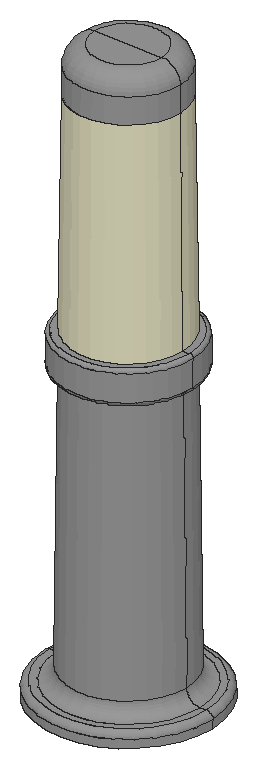
Revit family "Lighting-UrbanLighting-GEWISS-POINT-LED_GARDEN_LIGHTING", category Apparecchi per illuminazione, host Superficie, Revit 2019
Family settings
  Host = Superficie
  Quota connettore circolare = Usa diametro
  Tipo di parte = Normale
  Numero OmniClass = 23.80.70.00
  Titolo OmniClass = Lighting
  Taglio con vuoti quando caricato = No
  Sorgente d'illuminazione = No
  Condiviso = No
  Punto di calcolo locali = Sì
Parameters (values of type "GW82011G - POINT PI.4W E14 DR 3000K GRAP. GREY")
  Warranty = "Can be extended"
  Voltaggio = 230 V
  Voltage = "230 V - 50 Hz"
  Vetro = GEWISS - vetro acceso
  Version file RFA = "20.11"
  URL = "https://www.gewiss.com/ww/en"
  Type of light source = "A+"
  Technical sheet = "https://www.gewiss.com/ww/en/search?q=GW82011G"
  Struttura = GEWISS - Grigio Grafite
  Shock resistance = "IK10"
  SIMBOLO [instance] = yes
  SEO = "Pole"
  Realized by GEWISS S.p.A. = ""
  Raggio int = 45 mm
  Raggio = 68.5 mm
  Default Elevation = 1219.2 mm
  Produttore = "GEWISS S.p.A."
  Offset etichetta W [instance] = 160 mm
  Numero di poli = 2
  No. of lamps: = "1"
  No. of lamps = "1"
  Modello = "GW82011G"
  Light pollution: = "25%"
  Light pollution = "25%"
  Lampada = "DR"
  Lamp power = "4W"
  Lamp holder = "E14"
  Lamp = "DR"
  Insulation class = "II"
  Immagine tipo = GW82006.jpg
  IP degree = "IP55"
  IFC.TypeObject = ""
  IFC.ExportType = ""
  IFC.ExportAs = ""
  IDT = "f2a9305b-c3d1-4dd3-b135-09b9879f617e"
  IDF = "cf99eae4-1613-4a01-afce-b88c81c82e99"
  Height (mm) = "473"
  Glow Wire Test = "650°C"
  Electrocod = "2442"
  Efficiency class of integrated LEDs = "D ÷ A+"
  ETICHETTA W [instance] = yes
  EAN code = "8011564869004"
  Descrizione = "POINT PI.4W E14 DR 3000K GRAP. GREY"
  Commenti sul wattaggio = "4W"
  Colour temperature: = ""
  Colour temperature = "3000K"
  Colour = "Graphite grey"
  Catalogue Range = "POINT"
  Catalogue = "LIGHTING"
  Carico apparente = 4 VA
  COBie.Tagnumber = ""
  COBie.CreatedOn = ""
  COBie.CreatebBy = ""
  COBie.ComponentRegisterItemID = ""
  COBie.Component.TagNumber = ""
  COBie.Component.Space = ""
  COBie.Component.SerialNumber = ""
  COBie.Component.InstallationDate = ""
  COBie.Component.Description = ""
  COBie.Component.BarCode = ""
  BIDIMENSIONALE [instance] = not(SIMBOLO)  # no
  Application = "External"
  Altezza = 473 mm
  2D LAT = 2D - POINT : 006
Types (6, lengths in mm): name | Warranty | Type of light source | Technical sheet | Struttura | Shock resistance | Raggio int | Raggio | No. of lamps | Modello | Light pollution: | Light pollution | Lamp power | Lamp holder | Insulation class | IP degree | IDT | Height (mm) | Glow Wire Test | Electrocod | Efficiency class of integrated LEDs | EAN code | Descrizione | Commenti sul wattaggio | Colour temperature: | Colour | Catalogue Range | Carico apparente | Application | Altezza | 2D LAT
  GW82011B - POINT PI.4W E14 DR 3000K BLUE | "Can be extended" | "A+" | "https://www.gewiss.com/ww/en/search?q=GW82011B" | GEWISS - BLU NOTTE | "IK10" | 45 | 68.5 | "1" | "GW82011B" | "25%" | "25%" | "4W" | "E14" | "II" | "IP55" | "375dd045-2c7b-44e7-a7c3-4e53dd9c4b41" | "473" | "650°C" | "2442" | "D ÷ A+" | "8011564869028" | "POINT PI.4W E14 DR 3000K BLUE" | "4W" | "" | "Midnight blue" | "POINT" | 4 VA | "External" | 473 | 2D - POINT : 006
  GW82016B - POINT GR.6W E27 DR 3000K BLUE | "Can be extended" | "A+" | "https://www.gewiss.com/ww/en/search?q=GW82016B" | GEWISS - BLU NOTTE | "IK10" | 65 | 92 | "1" | "GW82016B" | "25%" | "25%" | "6W" | "E27" | "II" | "IP55" | "dfe715c6-2373-4454-90b8-ca77e09b11c6" | "550" | "650°C" | "2442" | "D ÷ A+" | "8011564869035" | "POINT GR.6W E27 DR 3000K BLUE" | "6W" | "" | "Midnight blue" | "POINT" | 6 VA | "External" | 550 | 2D - POINT : 007
  GW82016G - POINT GR.6W E27 DR 3000K GRAP. GREY | "Can be extended" | "A+" | "https://www.gewiss.com/ww/en/search?q=GW82016G" | GEWISS - Grigio Grafite | "IK10" | 65 | 92 | "1" | "GW82016G" | "25%" | "25%" | "6W" | "E27" | "II" | "IP55" | "af5028f3-78a7-4922-8b08-3af6b06d1528" | "550" | "650°C" | "2442" | "D ÷ A+" | "8011564869011" | "POINT GR.6W E27 DR 3000K GRAP. GREY" | "6W" | "" | "Graphite grey" | "POINT" | 6 VA | "External" | 550 | 2D - POINT : 007
  GW82011G - POINT PI.4W E14 DR 3000K GRAP. GREY | "Can be extended" | "A+" | "https://www.gewiss.com/ww/en/search?q=GW82011G" | GEWISS - Grigio Grafite | "IK10" | 45 | 68.5 | "1" | "GW82011G" | "25%" | "25%" | "4W" | "E14" | "II" | "IP55" | "f2a9305b-c3d1-4dd3-b135-09b9879f617e" | "473" | "650°C" | "2442" | "D ÷ A+" | "8011564869004" | "POINT PI.4W E14 DR 3000K GRAP. GREY" | "4W" | "" | "Graphite grey" | "POINT" | 4 VA | "External" | 473 | 2D - POINT : 006
  GW82018G - POINT 780MM 6W E27 DR 3000K GRIGIO | "" | "" | "https://www.gewiss.com/ww/en/search?q=GW82018G" | GEWISS - Grigio Grafite | "" | 65 | 92 | "" | "GW82018G" | "" | "" | "11W" | "E27" | "" | "" | "5c686a0020624315860f937aa864e165" | "780" | "" | "2424" | "" | "" | "POINT 780MM 6W E27 DR 3000K GRIGIO" | "6W" | "3000 K" | "Graphite grey" | "" | 6 VA | "" | 550 | 2D - POINT : 007
  GW82018B - POINT 780MM 6W E27 DR 3000K BLU | "" | "" | "https://www.gewiss.com/ww/en/search?q=GW82018B" | GEWISS - BLU NOTTE | "" | 65 | 92 | "" | "GW82018B" | "" | "" | "11W" | "E27" | "" | "" | "494a7f2640874e39ac283f687617d0fe" | "780" | "" | "2424" | "" | "" | "POINT 780MM 6W E27 DR 3000K BLU" | "6W" | "3000 K" | "BlueGreen" | "" | 6 VA | "" | 550 | 2D - POINT : 007
Reference planes
  plane 1 "Centro (Fronte/Retro)": y = 0
  plane 2: z = 0
  plane 3 "Centro (Sinistra/Destra)": x = 0
  plane 4: z = 35.707
  plane 5: x = -68.5
  plane 6: x = 68.501
  plane 7: x = -52.612
  plane 8: x = 52.602
  plane 9: x = -44.455
  plane 10: x = 44.455
  plane 11: x = -28.994
  plane 12: x = 29.057
  plane 13: z = 473
  plane 14: z = 11.549
  plane 15: z = 438
  plane 16: z = 265.883
  plane 17: y = -160
Forms (mm)
  Revolve 1, solid, material "GEWISS - Grigio Grafite" <- "Struttura"
    sketch origin (0, 0, 0) x (1, 0, 0) y (0, 0, 1)
      loop
        arc (-63.5, 11.549) -> (-67.036, 10.085) -> (-68.5, 6.549) r 5
        line (-68.5, 6.549) -> (-68.5, 0) -> (0, 0) -> (0, 265.883) -> (-49.885, 265.883)
        arc (-49.885, 265.883) -> (-51.813, 265.084) -> (-52.612, 263.156) r 2.727
        line (-52.612, 263.156) -> (-52.612, 241.98)
        arc (-52.612, 241.98) -> (-51.83, 240.092) -> (-49.941, 239.31) r 2.671
        line (-49.941, 239.31) -> (-44.882, 239.31) -> (-47.127, 22.238)
        arc (-47.127, 22.238) -> (-50.257, 14.68) -> (-57.815, 11.549) r 10.688
        line (-57.815, 11.549) -> (-63.5, 11.549)
      axis (0, 265.883) -> (0, 0)
    angle from 0 to 360
  Revolve 2, solid, material "GEWISS - vetro acceso" <- "Vetro"
    sketch origin (0, 0, 0) x (1, 0, 0) y (0, 0, 1)
      loop
        line (-44.455, 265.883) -> (0, 265.883) -> (0, 438) -> (-42.433, 438) -> (-44.455, 265.883)
      axis (0, 438) -> (0, 265.883)
    angle from 0 to 360
  Revolve 3, solid, material "GEWISS - Grigio Grafite" <- "Struttura"
    sketch origin (0, 0, 0) x (1, 0, 0) y (0, 0, 1)
      loop
        line (-42.433, 438) -> (0, 438) -> (0, 473) -> (-27.197, 473)
        arc (-27.197, 473) -> (-37.741, 468.669) -> (-42.196, 458.176) r 15
        line (-42.196, 458.176) -> (-42.433, 438)
      axis (0, 473) -> (0, 438)
    angle from 0 to 360
Lines and regions (mm)
  Masking region 1, visible <- "BIDIMENSIONALE"
    outline origin (0, 0, 138.951) x (0, -1, 0) y (1, 0, 0)
      loop
        circle (0, 0) r 68.5
      loop
        circle (0, 0) r 45
  Masking region 2, visible <- "BIDIMENSIONALE"
    outline origin (0, 0, 138.951) x (0, -1, 0) y (1, 0, 0)
      loop
        circle (0, 0) r 45
  model lines
    curve 1: line (0, 0, 33.686) -> (0, 0, 38.686)
Dimensions and locks
  locked: plane 4 to level at 35.707
  locked: plane 7 to plane 5 at 15.888
  locked: plane 8 to plane 6 at 15.899
  locked: plane 9 to plane 7 at 8.156
  locked: plane 10 to plane 8 at 8.148
  locked: plane 9 to plane 11 at 15.461
  locked: plane 12 to plane 10 at 15.398
  "Altezza": plane 13 to level
  locked: plane 14 to level at 11.549
  "Raggio": plane 3 "Centro (Sinistra/Destra)" to plane 5
  locked: plane 15 to plane 16 at 172.117
  plane 13 to plane 16 to plane 14 = 207.117 mm, 254.334 mm
  "Offset etichetta W": plane 1 "Centro (Fronte/Retro)" to plane 17
  radius of Revolve 3 sketch curve = 15 mm
  "Raggio": radius of Masking region 1 sketch curve
  "Raggio int": radius of Masking region 2 sketch curve
  aligned and locked: plane 2 to host face
  aligned and locked: level to host face
  aligned and locked: Revolve 1 sketch curve to plane 14
  aligned and locked: Revolve 1 sketch curve to plane 2
  aligned and locked: Revolve 1 sketch curve to plane 5
  aligned and locked: Revolve 1 sketch curve to plane 7
  aligned and locked: plane 16 to Revolve 1 sketch curve
  aligned and locked: Revolve 2 sketch curve to plane 15
  aligned and locked: Revolve 2 sketch curve to plane 16
  aligned and locked: Revolve 3 sketch curve to plane 15
  aligned and locked: Revolve 3 sketch curve to plane 13
  aligned and locked: plane 3 "Centro (Sinistra/Destra)" to nested 1
  aligned and locked: nested 1 to plane 1 "Centro (Fronte/Retro)"
  aligned and locked: nested 2 to plane 17
  aligned and locked: plane 3 "Centro (Sinistra/Destra)" to nested 2
  aligned and locked: nested 4 to plane 1 "Centro (Fronte/Retro)"
Automatic sketch dimensions
  curve 1 to plane 3 "Centro (Sinistra/Destra)" = 0 mm
  curve 1 to plane 4 = 2.021 mm
  plane 4 to curve 1 = 2.979 mm
  host sketch curve to host sketch curve = 2438.4 mm  (x2)
  Revolve 1 sketch curve to plane 3 "Centro (Sinistra/Destra)" = 0 mm  (x2)
  Revolve 1 sketch curve to plane 5 = 5 mm
  Revolve 1 sketch curve to plane 7 = 5.203 mm
  plane 7 to Revolve 1 sketch curve = 2.671 mm
  plane 7 to Revolve 1 sketch curve = 2.727 mm
  plane 9 to Revolve 1 sketch curve = 2.671 mm
  plane 9 to Revolve 1 sketch curve = 0.427 mm
  Revolve 1 sketch curve to Revolve 1 sketch curve = 21.175 mm
  Revolve 1 sketch curve to Revolve 1 sketch curve = 15.117 mm
  Revolve 1 sketch curve to Revolve 1 sketch curve = 15 mm
  Revolve 2 sketch curve to plane 3 "Centro (Sinistra/Destra)" = 0 mm  (x2)
  Revolve 2 sketch curve to plane 9 = 2.023 mm
  Revolve 2 sketch curve to plane 9 = 0.001 mm
  plane 16 to Revolve 2 sketch curve = 22.883 mm
  Revolve 2 sketch curve to Revolve 2 sketch curve = 10 mm
  Revolve 3 sketch curve to plane 3 "Centro (Sinistra/Destra)" = 0 mm  (x2)
  Revolve 3 sketch curve to plane 11 = 1.798 mm
  Revolve 3 sketch curve to plane 9 = 2.26 mm
  Revolve 3 sketch curve to plane 9 = 2.023 mm
  Revolve 3 sketch curve to plane 15 = 15 mm
  Revolve 3 sketch curve to Revolve 3 sketch curve = 15 mm
  Masking region 1 sketch curve to Masking region 1 sketch curve = 0 mm  (x2)
  plane 1 "Centro (Fronte/Retro)" to Masking region 1 sketch curve = 0 mm
  Masking region 1 sketch curve to plane 3 "Centro (Sinistra/Destra)" = 0 mm
  plane 1 "Centro (Fronte/Retro)" to Masking region 2 sketch curve = 0 mm
  Masking region 2 sketch curve to plane 3 "Centro (Sinistra/Destra)" = 0 mm
  radius of Masking region 1 sketch curve = 45 mm
Nested families
  nested 1: "PROIETTOREGIARDINO" at (0, 0, 138.951) x (1, 0, 0) z (0, 0, -1), visible <- "SIMBOLO", type "PROIETTOREGIARDINO"
  nested 2: "ETICHETTA LIGHT" at (0, -160, 0), visible <- "ETICHETTA W", type "ETICHETTA LIGHT"
  nested 3: "2D - POINT" at (0, 0, 0) x (1, 0, 0) z (0, -1, 0), type <- "2D LAT", type "006"
  nested 4: "2D - POINT" at (0, 0, 0) x (0, 1, 0) z (1, 0, 0), type <- "2D LAT", type "006"
Connectors
  electrical at (0, 0, 0), driven by "Numero di poli", driven by "Voltaggio", driven by "Carico apparente"
    settings: on Revolve 1, index 1, voltage 230 V, apparent load 0 VA, apparent load phase1 4 VA, apparent load phase2 0 VA, apparent load phase3 0 VA, power factor 1, load classification "Illuminazione", number of poles 2, system type 31, power factor state 1, is connector primary yes, connector utility no, sub classification motor no, connector description ""
Definition of nested family "PROIETTOREGIARDINO"
  Reference planes
    plane 1 "Centro (Fronte/Retro)": y = 0
    plane 2: z = 0
    plane 3 "Centro (Sinistra/Destra)": x = 0
  Lines and regions (mm)
    detail lines, in view "Livello rif."
      curve 1: line (-65.309, -65.309, 0) -> (65.309, 65.309, 0)
      curve 2: line (-65.309, 65.309, 0) -> (65.309, -65.309, 0)
      curve 3: circle (0, 0, 0) r 92.361 normal (0, 0, 1)
      curve 4: circle (0, 0, 0) r 111.761 normal (0, 0, 1)
Definition of nested family "ETICHETTA LIGHT"
  Parameters (values of type "ETICHETTA LIGHT")
    COMMENTI = ""
  Reference planes
    plane 1: y = 0
    plane 2: x = 0
  Text (mm)
    label "COMMENTI" at (-0.057, 0.105, 0), shows "COMMENTI"
Definition of nested family "2D - POINT"
  Parameters (values of type "007")
    007 = yes
    006 = no
  Types (2, lengths in mm): name | 007 | 006
    006 | no | yes
    007 | yes | no
  Reference planes
    plane 1 "Centro (Fronte/Retro)": y = 0
    plane 2: z = 0
    plane 3 "Centro (Sinistra/Destra)": x = 0
  Lines and regions (mm)
    Masking region 1, in view "Livello rif.", visible <- "006"
      outline origin (320, 0, 0) x (1, 0, 0) y (0, 1, 0)
        loop
          line (-364.471, 239.967) -> (-369.953, 239.967)
          arc (-369.953, 239.967) -> (-371.846, 239.183) -> (-372.63, 237.289) r 2.678
          line (-372.63, 237.289) -> (-372.63, 216.048)
          arc (-372.63, 216.048) -> (-371.846, 214.155) -> (-369.953, 213.371) r 2.678
          line (-369.953, 213.371) -> (-364.898, 213.371) -> (-367.145, 22.097)
          arc (-367.145, 22.097) -> (-370.228, 14.655) -> (-377.669, 11.553) r 10.524
          line (-377.669, 11.553) -> (-383.185, 11.553)
          arc (-383.185, 11.553) -> (-386.96, 9.989) -> (-388.524, 6.214) r 5.339
          line (-388.524, 6.214) -> (-388.524, 0) -> (-320, 0) -> (-251.621, 0) -> (-251.621, 6.214)
          arc (-251.621, 6.214) -> (-253.184, 9.989) -> (-256.96, 11.553) r 5.339
          line (-256.96, 11.553) -> (-262.475, 11.573)
          arc (-262.475, 11.573) -> (-269.917, 14.655) -> (-273, 22.097) r 10.524
          line (-273, 22.097) -> (-275.246, 213.371) -> (-270.192, 213.371)
          arc (-270.192, 213.371) -> (-268.298, 214.155) -> (-267.514, 216.048) r 2.678
          line (-267.514, 216.048) -> (-267.514, 237.289)
          arc (-267.514, 237.289) -> (-268.298, 239.183) -> (-270.192, 239.967) r 2.678
          line (-270.192, 239.967) -> (-275.674, 239.967) -> (-277.919, 431.103)
          arc (-277.919, 431.103) -> (-282.575, 442.344) -> (-293.816, 447) r 15.897
          line (-293.816, 447) -> (-346.329, 447)
          arc (-346.329, 447) -> (-357.57, 442.344) -> (-362.226, 431.103) r 15.897
          line (-362.226, 431.103) -> (-364.471, 239.967)
    Masking region 2, in view "Livello rif.", visible <- "007"
      outline origin (320.072, 0, 0) x (1, 0, 0) y (0, 1, 0)
        loop
          line (-385.01, 269.556) -> (-391.497, 269.556)
          arc (-391.497, 269.556) -> (-393.39, 268.771) -> (-394.174, 266.878) r 2.678
          line (-394.174, 266.878) -> (-394.174, 242.38)
          arc (-394.174, 242.38) -> (-393.39, 240.487) -> (-391.497, 239.703) r 2.678
          line (-391.497, 239.703) -> (-385.49, 239.703) -> (-387.952, 30.127)
          arc (-387.952, 30.127) -> (-390.342, 18.3) -> (-401.169, 12.975) r 13.668
          line (-401.169, 12.975) -> (-406.684, 12.975)
          arc (-406.684, 12.975) -> (-410.46, 11.411) -> (-412.023, 7.636) r 5.339
          line (-412.023, 7.636) -> (-412.023, 0) -> (-228.121, 0) -> (-228.121, 7.636)
          arc (-228.121, 7.636) -> (-229.685, 11.411) -> (-233.46, 12.975) r 5.339
          line (-233.46, 12.975) -> (-238.976, 12.975)
          arc (-238.976, 12.975) -> (-249.803, 18.3) -> (-252.193, 30.127) r 13.668
          line (-252.193, 30.127) -> (-254.655, 239.703) -> (-248.648, 239.703)
          arc (-248.648, 239.703) -> (-246.755, 240.487) -> (-245.97, 242.38) r 2.678
          line (-245.97, 242.38) -> (-245.97, 266.878)
          arc (-245.97, 266.878) -> (-246.755, 268.771) -> (-248.648, 269.556) r 2.678
          line (-248.648, 269.556) -> (-255.134, 269.556) -> (-257.655, 484.147)
          arc (-257.655, 484.147) -> (-262.884, 496.771) -> (-275.508, 502) r 17.853
          line (-275.508, 502) -> (-364.636, 502)
          arc (-364.636, 502) -> (-377.26, 496.771) -> (-382.489, 484.147) r 17.853
          line (-382.489, 484.147) -> (-385.01, 269.556)
    model lines, in view "Livello rif.", visible <- "007"
      curve 1: line (-8.925, 12.975, 0) -> (-9.077, 15.665, 0)
      curve 2: line (-9.077, 15.665, 0) -> (-8.61, 18.188, 0)
      curve 3: line (-8.61, 18.188, 0) -> (-7.661, 20.561, 0)
      curve 4: line (-7.661, 20.561, 0) -> (-6.084, 22.607, 0)
      curve 5: line (-6.084, 22.607, 0) -> (-4.178, 24.349, 0)
      curve 6: line (-4.178, 24.349, 0) -> (-0.548, 26.199, 0)
      curve 7: line (-0.548, 26.199, 0) -> (3.079, 24.981, 0)
      curve 8: line (3.079, 24.981, 0) -> (4.973, 23.554, 0)
      curve 9: line (4.973, 23.554, 0) -> (6.714, 21.978, 0)
      curve 10: line (6.714, 21.978, 0) -> (7.823, 19.929, 0)
      curve 11: line (7.823, 19.929, 0) -> (8.77, 17.709, 0)
      curve 12: line (8.77, 17.709, 0) -> (9.089, 15.35, 0)
      curve 13: line (9.089, 15.35, 0) -> (8.925, 12.986, 0)
      curve 14: line (8.925, 12.975, 0) -> (8.925, 7.133, 0)
      curve 15: line (8.925, 7.133, 0) -> (-8.925, 7.133, 0)
      curve 16: line (-8.925, 7.133, 0) -> (-8.925, 12.975, 0)
      curve 17: line (8.925, 12.986, 0) -> (86.022, 12.986, 0)
    detail lines, in view "Livello rif.", visible <- "006"
      curve 18: line (-44.471, 239.967, 0) -> (44.326, 239.967, 0)
      curve 19: line (-44.898, 213.371, 0) -> (44.754, 213.371, 0)
      curve 20: line (5.805, 11.553, 0) -> (5.951, 13.668, 0)
      curve 21: line (5.951, 13.668, 0) -> (5.667, 15.769, 0)
      curve 22: line (5.667, 15.769, 0) -> (4.824, 17.746, 0)
      curve 23: line (4.824, 17.746, 0) -> (3.837, 19.57, 0)
      curve 24: line (3.837, 19.57, 0) -> (2.286, 20.974, 0)
      curve 25: line (2.286, 20.974, 0) -> (0.6, 22.244, 0)
      curve 26: line (0.6, 22.244, 0) -> (-2.629, 23.329, 0)
      curve 27: line (-2.629, 23.329, 0) -> (-5.862, 21.681, 0)
      curve 28: line (-5.862, 21.681, 0) -> (-7.559, 20.131, 0)
      curve 29: line (-7.559, 20.131, 0) -> (-8.963, 18.309, 0)
      curve 30: line (-8.963, 18.309, 0) -> (-9.808, 16.196, 0)
      curve 31: line (-9.808, 16.196, 0) -> (-10.224, 13.949, 0)
      curve 32: line (-10.224, 13.949, 0) -> (-10.089, 11.553, 0)
      curve 33: line (-10.089, 11.553, 0) -> (-10.089, 6.352, 0)
      curve 34: line (-10.089, 6.352, 0) -> (5.805, 6.352, 0)
      curve 35: line (5.805, 6.352, 0) -> (5.805, 11.553, 0)
      curve 36: line (-57.669, 11.573, 0) -> (-10.09, 11.573, 0)
      curve 37: line (5.806, 11.573, 0) -> (57.525, 11.573, 0)
    detail lines, in view "Livello rif.", visible <- "007"
      curve 38: line (-64.938, 269.556, 0) -> (64.938, 269.556, 0)
      curve 39: line (-65.417, 239.703, 0) -> (71.424, 239.703, 0)
      curve 40: line (-8.925, 12.986, 0) -> (-86.022, 12.986, 0)
